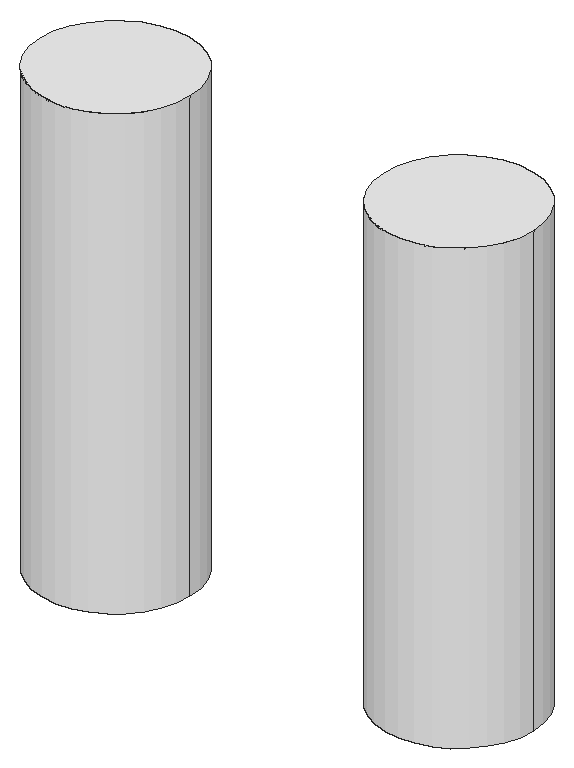
Revit family "92012009(2023)", category Plumbing Fixtures, Revit 2020
Family settings
  Round Connector Dimension = Use Diameter
  Part Type = Normal
  OmniClass Number = 23.45.55.00
  OmniClass Title = Sanitary Faucets, Wastes
  Work Plane-Based = No
  Always vertical = Yes
  Cut with Voids When Loaded = No
  Shared = No
  Room Calculation Point = No
Parameters (values of type "92012009 Washbasin faucet, 230/9 V, Bluetooth")
  Working Pressure = "100 - 1000 kPa"
  WarrantyStartDate [instance] = "n/a"
  WarrantyGuarantorParts = "n/a"
  WarrantyGuarantorLabor = "n/a"
  WarrantyDurationUnit = "Year"
  WarrantyDurationParts = "n/a"
  WarrantyDurationLabor = "n/a"
  WarrantyDescription = "http://warranty.hansa.com"
  Warranty Information URL = "http://warranty.hansa.com"
  VersionDate = "01/06/2023"
  Version = "1"
  ValvePattern = "n/a"
  ValveOperation = "n/a"
  ValveMechanism = "n/a"
  Uniclass2015Reference = "Pr_40_20_87_96"
  Uniclass2015Description = "Washbasin manual water supply sets"
  Uniclass2 = "Pr_40_30_96_96"
  URL WEEE = "http://static.hansa.com/WEEE/92012009"
  URL UWL = "http://static.hansa.com/UWL/92012009"
  URL REACH = "http://static.hansa.com/doc/reach"
  URL EcoLabel Declaration = "http://static.hansa.com/doc/EcoLabel"
  URL EU Packaging Declaration = "http://static.hansa.com/doc/packaging"
  URL Declaration of SCIP = "http://static.hansa.com/doc/SCIP"
  URL Declaration of Conformity = "http://static.hansa.com/DoC/92012009"
  URL Declaration of Asbestos = "http://static.hansa.com/doc/asbestos"
  URL Declaration Of Performance (DOP) = "http://static.hansa.com/doc/DoP"
  URL = ""
  UNSPSC Class Number = "30181700 Faucets or taps"
  Type Comments = ""
  TestPressure = "n/a"
  Technical DataSheet URL = "http://www.hansa.com/datasheet/92012009/en"
  TagNumber [instance] = "n/a"
  SustainabilityPerformance = "n/a"
  Surface treatment = "Chrome"
  Spout Type = "Fixed spout"
  Spout Projection = "117 mm"
  Size = "55x165x135 mm"
  Shape = "Sculptured"
  SerialNumber [instance] = "n/a"
  Sales Package dimensions (LxWxH) = "284 x 191 x 83.5"
  Revision = "n/a"
  ReplacementCost = "n/a"
  Protection Class = "IP 55 / transformer IP 20"
  ProductInformation = "n/a"
  Product URL = "http://static.hansa.com/92012009"
  Product Image URL = "http://static.hansa.com/image/92012009"
  Product Family = "HANSAELECTRA "
  Product Code = "92012009"
  OperatingMechanismMaterial = "n/a"
  Operating Voltage = 9 V
  Operating Distance = "20-130 mm (110/130/160 mm)"
  NominalWidth = 54.609 mm
  NominalHeight = 135.012 mm
  NominalDepth = 163.081 mm
  Noise Class = "I (ISO 3822) "
  Name_en = "92012009 Washbasin faucet, 230/9 V, Bluetooth"
  Name = "92012009 Washbasin faucet, 230/9 V, Bluetooth"
  NBSReference = "45-35-70/371"
  NBSDescription = "Water supply fittings for wash basins and troughs"
  Mounting Holes = "1 hole"
  ModelReference = "92012009"
  ModelNumber = "n/a"
  Model = "92012009 Washbasin faucet, 230/9 V, Bluetooth"
  Mobile Product Information URL = "http://mpi.hansa.com/92012009"
  Mechanical Parts = "Non-return valve(s);Litter filter(s)"
  Max. Hot Water Supply = 70 °C
  Max Flow Period = "2 min (1 - 1800 s)"
  Material = "Composite"
  Market = "International;Germany;Austria;Switzerland;Belgium;Netherlands;Italy"
  ManufacturerURL = "http://www.hansa.com"
  ManufacturerName = "HANSA"
  Manufacturer = "HANSA"
  Long Marketing = "Electra 92 series is giving you a whole new modern design with its rounded square body and spout. Giving you new fresh and updated design.\nDesign compliments the new trends of the modern bathroom with its more squared design.\n\nKey Features\nAerator with Tilt function +/- 10° for more flexible installation\nNewest Sensor technology for better detection and operation comfort\nBluetooth technology for easy adjustment to personalize settings \nPower Plug"
  Keynote = ""
  InstallationDate [instance] = "n/a"
  Installation Type = "Deck mounted"
  InletConnectionSize = 10 mm
  IfcExportType = "FAUCET"  # constant formula
  IfcExportAs = "IfcValveType"  # constant formula
  Group = "Washbasin faucet"
  Grade = "n/a"
  FlowCoefficient = 0
  Flow Rate At 300kPa With Flow Controller = 0.09 L/s
  Flow Drawing URL = "http://static.hansa.com/flowchart/92012009"
  Finish = "Polished"
  Features = "Touchless;Plug transformer;Bluetooth®;Lead free"
  FaucetMainMaterial = Brass
  FDV Document URL = "http://www.hansa.com/datasheet/92012009/en/fdv"
  ExpectedLife = "n/a"
  Electronic Parts = ";Power supply;Light indicated function(s)"
  Electrical Connection = "230 / 9 V"
  ETIM Class Number = "EC010340 Electronic tap"
  EN Standard = "EN 15091"
  EMC Directive = "2014/53/EU , 2011/65/EU"
  EAN Number = "4057304019357"
  DurationUnit = "Year"
  Dimension Drawing URL = "http://static.hansa.com/dimdrw/92012009"
  Description = ""
  DefaultElevation [instance] = 900 mm
  Default Elevation = 0 mm
  Constituents = "n/a"
  Connection Size = "G3/8"
  Connection = "Flexible inlet pipes;One inlet for cold or premixed water"
  Color = "Chrome"
  CodePerformance = "n/a"
  CloseOffRating = 0
  Catalog Drawing URL = "http://static.hansa.com/catdrw/92012009"
  CO2 Emissions (D) = -0.68
  CO2 Emissions (C4) = 0.87
  CO2 Emissions (C3) = 0
  CO2 Emissions (C2) = 0.01
  CO2 Emissions (C1) = 0
  CO2 Emissions (B7) = 930
  CO2 Emissions (A4) = 0.14
  CO2 Emissions (A1-A3) = 3.64
  Brand = "HANSA"
  BodyMaterial = "Brass"
  Bluetooth = "5.x (D060576)"
  Barcode [instance] = "n/a"
  Backflow Prevention EN1717 = "EB"
  BIMObjectName = "92012009(2023)"
  Automatic Flush Period = "30 s (1-1800 s)"
  Automatic Flush Frequency = "off (off/1-120 h)"
  Author = "BIMStone"
  AssetType = "Fixed"
  AssetIdentifier [instance] = "n/a"
  Afterflow Period = "3 s (1-20 s)"
  Aerator = "PCA® - constant flow rate regardless of pressure variations;Adjustable flow angle"
  Advanced Features = "3S-installation system for safe and simple mounting"
  AccessibilityPerformance = "n/a"
  2D/3D/BIM Files URL = "http://static.hansa.com/bim/92012009"
Reference planes
  plane 1 "Center (Front/Back)": y = 0
  plane 2: z = 0
  plane 3 "Center (Left/Right)": x = 0
  plane 4: x = -27.304
  plane 5: z = 900
  plane 6: z = 870
  plane 7: y = -163.081
  plane 8: x = 27.304
  plane 9: z = 1035.012
Forms (mm)
  Extrusion 1, solid, material "Brass" <- "FaucetMainMaterial"
    sketch origin (0, -2.393, 0) x (1, 0, 0) y (0, 1, 0)
      loop
        circle (-11.5, -22.5) r 5
      loop
        circle (11.5, -22.5) r 5
    from 870 to 900
Dimensions and locks
  "DefaultElevation": plane 5 to level
  locked: plane 5 to plane 6 at 30
  "NominalDepth": plane 7 to plane 1 "Center (Front/Back)"
  equal spacing: plane 4, plane 3 "Center (Left/Right)", plane 8
  "NominalHeight": plane 9 to plane 5
  "NominalWidth": plane 4 to plane 8
  "InletConnectionSize": diameter of Extrusion 1 sketch curve  (x2)
  aligned and locked: level to plane 2
  aligned and locked: plane 5 to Extrusion 1
  aligned and locked: Extrusion 1 to plane 6
  aligned and locked: plane 1 "Center (Front/Back)" to nested 2
  aligned and locked: plane 3 "Center (Left/Right)" to nested 2
  aligned and locked: plane 3 "Center (Left/Right)" to nested 1
  aligned and locked: plane 1 "Center (Front/Back)" to nested 1
  aligned and locked: plane 5 to nested 2
Automatic sketch dimensions
  Extrusion 1 sketch curve to plane 3 "Center (Left/Right)" = 11.5 mm
  plane 3 "Center (Left/Right)" to Extrusion 1 sketch curve = 11.5 mm
  plane 1 "Center (Front/Back)" to Extrusion 1 sketch curve = 24.893 mm
  Extrusion 1 sketch curve to Extrusion 1 sketch curve = 0 mm
Nested families
  nested 1: "Symbol" at (0, 0, 0), type "Symbol", detail levels coarse
  nested 2: "92012009(2023)_Body" at (0, 0, 900), Material <- "FaucetMainMaterial", type "92012009(2023)_Body"
    with Material Brass
Connectors
  piping at (-11.5, -24.893, 870), diameter 10, driven by "InletConnectionSize"
    settings: on Extrusion 1, index 1, connector inside diameter 609.6 mm, connector length 0 mm, flow factor 0, pipe flow 0.2 L/s, pressure drop 0.0 Pa, fitting loss kfactor 0, connector angle 0.00°, fixture units 0, engagement length 0 mm, angle of deflection 0.00°, flow configuration 1, flow direction 1, fitting loss method 0, system type 19, joint type 0, gender type 0, connector reference index -1, connector utility 0, adjustable connector no, is connector primary yes, connector description ""
  piping at (11.5, -24.893, 870), diameter 10, driven by "InletConnectionSize"
    settings: on Extrusion 1, index 2, connector inside diameter 609.6 mm, connector length 0 mm, flow factor 0, pipe flow 0.2 L/s, pressure drop 0.0 Pa, fitting loss kfactor 0, connector angle 0.00°, fixture units 0, engagement length 0 mm, angle of deflection 0.00°, flow configuration 1, flow direction 1, fitting loss method 0, system type 20, joint type 0, gender type 0, connector reference index -1, connector utility 0, adjustable connector no, is connector primary no, connector description ""
Definition of nested family "Symbol"
  Reference planes
    plane 1: y = 0
    plane 2: x = 0
  Lines and regions (mm)
    detail lines
      curve 1: line (0, 0, 0) -> (0, -1.8, 0)
      curve 2: line (-0.4, -1.1, 0) -> (0.4, -1.1, 0)
      curve 3: line (-0.4, -1.4, 0) -> (0.4, -1.4, 0)
      curve 4: line (0.863, 0, 0) -> (-0.863, 0, 0)
      curve 5: circle (-1.163, 0, 0) r 0.3 normal (0, 0, -1)
      curve 6: circle (1.163, 0, 0) r 0.3 normal (0, 0, 1)
